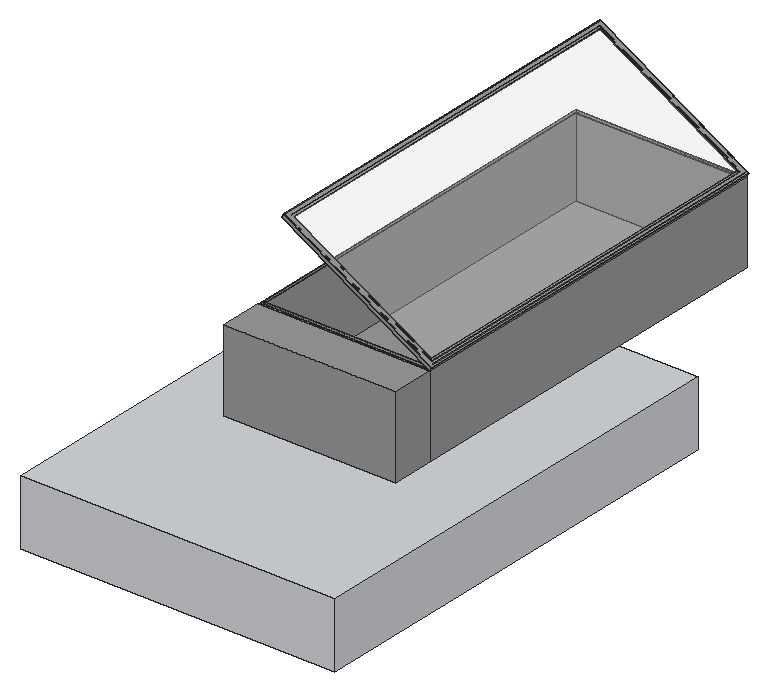
Revit family "Hager-Univers-IP55-D400-H2050-Cl.I-Steel_encl-CH-fr", category Equipement électrique, Revit 2020
Family settings
  Hôte = Face
  Configuration du panneau = Deux colonnes, circuits au sein
  Cote de connecteur circulaire = Utiliser le diamètre
  Type d'élément = Tableau de raccordement
  Couper avec des vides une fois chargée = Non
  Partagée = Non
  Point de calcul de pièce = Non
Parameters (values of type "installation au sol IP55 L800 H2050 P400  - FR23V2")
  Width Control [instance] = if([EF000008 - largeur] > Min Width, [EF000008 - largeur], Min Width)  # 800 mm
  Commentaires du type = [HG000003 - Gamme]  # "Univers"
  Thickness Door [instance] = if([EF009171 - épaisseur de matériau de la porte/du couvercle] > 3 mm, 3 mm, [EF009171 - épaisseur de matériau de la porte/du couvercle])  # 1.5 mm
  Seal Frame Offset [instance] = 17 mm  # constant formula
  Plinth Visibility [instance] = [HG000027 - Hauteur du socle] > 0 mm  # yes
  Model = ""
  Min Width [instance] = 100 mm  # constant formula
  Min Height [instance] = 100 mm  # constant formula
  Min Depth [instance] = (2 * [EF009170 - épaisseur de matériau du boîtier]) + 1 mm  # 4 mm
  Internal Frame Depth [instance] = (Door System Depth * 0.5)  # 9 mm
  Height Control [instance] = if([EF000040 - hauteur] > Min Height, [EF000040 - hauteur], Min Height)  # 2050 mm
  HG000027 - Hauteur du socle = 200 mm
  HG000026 - Installation au sol = yes
  HG000024 - Hauteur de la section basse = 800 mm
  HG000023 - Armoire double section = no
  HG000016 - Visibilité de la porte 3D [instance] = yes
  HG000015 - Visibilité de l'emprise de la porte [instance] = no
  HG000014 - Porte à droite [instance] = yes
  HG000013 - Porte à gauche [instance] = not([HG000014 - Porte à droite])  # no
  HG000012 - Angle de pivotement de la porte [instance] = 30.00°
  HG000010 - Portes asymétriques = no
  HG000009 - Porte à double battant = no
  HG000006 - Encastré = no
  HG000004 - Référence fabricant = "FR23V2"
  HG000003 - Gamme = "Univers"
  HG000002 - avec porte = yes
  Frame Offset Bottom [instance] = 10 mm  # constant formula
  Frame Offset [instance] = 15 mm  # constant formula
  EF015940 - couvercle avec décharge de pression = no
  EF011959 - degré de protection (NEMA) = ""
  EF009554 - nombre d'ouvertures pour plaques à bride = 6
  Fabricant = "Hager"  # constant formula
  EF009212 - finition du couvercle = "EV000116 - fermé"
  EF009171 - épaisseur de matériau de la porte/du couvercle = 1.5 mm
  EF009170 - épaisseur de matériau du boîtier = 1.5 mm
  EF008873 - courant nominal (In) = 800 A
  EF007800 - adapté à un parafoudre = no
  EF006306 - avec serrure = no
  EF006244 - couvercle/porte transparent(e) = yes
  EF005474 - indice de protection (IP) = "EV006420 - IP55"
  EF004464 - type de porte = "EV002646 - unique"
  EF004427 - nombre de modules = 432
  EF004293 - indice de protection contre les chocs (IK) = "EV008784 - IK10"
  EF003532 - convient pour utilisation à l’extérieur = no
  EF002950 - largeur en nombre de modules = 24
  EF001613 - maintien de fonction = "EV000494 - sans"
  EF001596 - matériau du boîtier/corps = "EV000179 - acier"
  EF001131 - profondeur intérieure = 400 mm
  EF001088 - possibilité de montage en saillie = yes
  EF000437 - nombre d'entrées de conduit = 6
  EF000339 - type de capot = "EV004216 - porte"
  EF000266 - nombre de rangées = 12
  EF000218 - profondeur d'encastrement = 0 mm
  EF000118 - avec cadre/support de montage = no
  EF000116 - numéro RAL = "7035"
  EF000049 - profondeur = 400 mm
  EF000040 - hauteur = 2050 mm
  EF000008 - largeur = 800 mm
  EF000007 - couleur = "EV000270 - gris"
  EF000003 - mode de pose = "EV012274 - installation au sol"
  Door System Leaf Tolerance [instance] = 1.5 mm  # constant formula
  Door System Depth [instance] = 18 mm  # constant formula
  Door Height [instance] = Height Control - [HG000027 - Hauteur du socle]  # 1850 mm
  Depth Control [instance] = if([EF000049 - profondeur] > Min Depth, [EF000049 - profondeur], Min Depth)  # 400 mm
  Default Elevation = 0 mm
  Connector Offset [instance] = Height Control / 2  # 1025 mm
  Bottom Top Plate Trim [instance] = 1.5 mm  # constant formula
  Plinth height Ctrl [instance] = if([HG000027 - Hauteur du socle] > 0 mm, [HG000027 - Hauteur du socle], 12 mm)  # 200 mm
Types (11, lengths in mm): name | Width Control | HG000010 - Portes asymétriques | HG000009 - Porte à double battant | HG000004 - Référence fabricant | EF009554 - nombre d'ouvertures pour plaques à bride | EF006244 - couvercle/porte transparent(e) | EF004464 - type de porte | EF004427 - nombre de modules | EF000437 - nombre d'entrées de conduit | EF000008 - largeur
  installation au sol IP55 L1050 H2050 P400  - FR24G2 | 1050 | yes | yes | "FR24G2" | 8 | no | "EV003602 - double" | 576 | 8 | 1050
  installation au sol IP55 L1050 H2050 P400  - FR24V2 | 1050 | yes | yes | "FR24V2" | 8 | yes | "EV003602 - double" | 576 | 8 | 1050
  installation au sol IP55 L1300 H2050 P400  - FR25G2 | 1300 | yes | yes | "FR25G2" | 10 | no | "EV003602 - double" | 720 | 10 | 1300
  installation au sol IP55 L1300 H2050 P400  - FR25V2 | 1300 | yes | yes | "FR25V2" | 10 | yes | "EV003602 - double" | 720 | 10 | 1300
  installation au sol IP55 L1550 H2050 P400  - FR26G2 | 1550 | yes | yes | "FR26G2" | 12 | no | "EV003602 - double" | 864 | 12 | 1550
  installation au sol IP55 L1550 H2050 P400  - FR26V2 | 1550 | yes | yes | "FR26V2" | 12 | yes | "EV003602 - double" | 864 | 12 | 1550
  installation au sol IP55 L300 H2050 P400  - FR21G2 | 300 | no | no | "FR21G2" | 2 | no | "EV002646 - unique" | 144 | 2 | 300
  installation au sol IP55 L550 H2050 P400  - FR22G2 | 550 | no | no | "FR22G2" | 4 | no | "EV002646 - unique" | 288 | 4 | 550
  installation au sol IP55 L550 H2050 P400  - FR22V2 | 550 | no | no | "FR22V2" | 4 | yes | "EV002646 - unique" | 288 | 4 | 550
  installation au sol IP55 L800 H2050 P400  - FR23G2 | 800 | no | no | "FR23G2" | 6 | no | "EV002646 - unique" | 432 | 6 | 800
  installation au sol IP55 L800 H2050 P400  - FR23V2 | 800 | no | no | "FR23V2" | 6 | yes | "EV002646 - unique" | 432 | 6 | 800
Reference planes
  plane 1 "Center (Front/Back)": y = 0
  plane 2: z = 0
  plane 3 "Center (Left/Right)": x = 0
  plane 4: z = 400
  plane 5: y = 201.5
  plane 6: y = 1125
  plane 7: y = 200
  plane 8: y = 2050
  plane 9: z = 0
  plane 10: x = -385
  plane 11: x = 385
  plane 12: x = 383.5
  plane 13: x = -383.5
  plane 14: y = 2048.5
  plane 15: x = -383
  plane 16: x = -400
  plane 17: x = 383
  plane 18: x = 400
  plane 19: x = 398.5
  plane 20: x = -398.5
  plane 21: y = 211.5
  plane 22: y = 2050
  plane 23: y = 2033.5
  plane 24: z = 382
  plane 25: z = 1.5
  plane 26: z = 380.5
  plane 27: z = 398.5
Forms (mm)
  Extrusion 1, solid
    sketch origin (0, 0, 0) x (1, 0, 0) y (0, 1, 0)
      loop
        line (-702.964, 1305) -> (-702.964, -811.445) -> (766.763, -811.445) -> (766.763, 1305) -> (-702.964, 1305)
    from 0 to -304.8
  Extrusion 2, solid, material "Hager_Steel_RAL7035_Light_Grey", visible <- "Plinth Visibility", detail levels medium+fine
    sketch origin (0, 0, 0) x (1, 0, 0) y (0, 1, 0)
      loop
        line (-400, 0) -> (400, 0) -> (400, 200) -> (-400, 200) -> (-400, 0)
    from 0 to 382
  Extrusion 3, solid, material "Hager_Steel_RAL7035_Light_Grey", detail levels medium+fine
    sketch origin (0, 0, 0) x (1, 0, 0) y (0, 1, 0)
      loop
        line (-400, 200) -> (400, 200) -> (400, 2050) -> (-400, 2050) -> (-400, 200)
    from 0 to 382
  Extrusion 4, void
    sketch origin (0, 0, 0) x (1, 0, 0) y (0, 1, 0)
      loop
        line (-398.5, 201.5) -> (398.5, 201.5) -> (398.5, 2048.5) -> (-398.5, 2048.5) -> (-398.5, 201.5)
    from 1.5 to 380.5
  Extrusion 5, void
    sketch origin (-381.607, -4572, 382) x (0, -1, 0) y (-1, 0, 0)
      loop
        line (-4783.5, 1.893) -> (-6605.5, 1.893) -> (-6605.5, -765.107) -> (-4783.5, -765.107) -> (-4783.5, 1.893)
    from 0 to 1.5 <- "EF009170 - épaisseur de matériau du boîtier"
  Extrusion 6, solid, material "Hager_Steel_RAL7035_Light_Grey", detail levels fine
    sketch origin (0, 0, 382) x (1, 0, 0) y (0, 1, 0)
      loop
        line (-383.5, 2033.5) -> (-383.5, 211.5) -> (383.5, 211.5) -> (383.5, 2033.5) -> (-383.5, 2033.5)
      loop
        line (-385, 210) -> (385, 210) -> (385, 2035) -> (-385, 2035) -> (-385, 210)
    from 0 to 9 <- "Internal Frame Depth"
  Extrusion 7, solid, material "Hager_Steel_RAL7035_Light_Grey", detail levels coarse
    sketch origin (0, 0, 0) x (1, 0, 0) y (0, 1, 0)
      loop
        line (-400, 0) -> (400, 0) -> (400, 2050) -> (-400, 2050) -> (-400, 0)
    from 0 to 400
  Sweep 8, void
    path in 3D
      loop
        line (-400, 200, 0) -> (400, 200, 0) -> (400, 200, 382) -> (-400, 200, 382) -> (-400, 200, 0)
    profile origin (-400, 200, 191) x (-1, 0, 0) y (0, -1, 0)
      loop
        line (0, 0) -> (0, 1.5) -> (-1.5, 1.5)
        arc (-1.5, 1.5) -> (-1.061, 0.439) -> (0, 0) r 1.5
Cuts and joins
  Extrusion 4, Extrusion 5 cuts Extrusion 3
  Sweep 8 cuts Extrusion 2
Lines and regions (mm)
  Masking region 1
    outline origin (0, 0, 0) x (1, 0, 0) y (0, 0, 1)
      loop
        line (-400, 400) -> (-400, 0) -> (400, 0) -> (400, 400) -> (-400, 400)
  Masking region 2, detail levels medium+fine
    outline origin (0, 140, 0) x (0, 1, 0) y (0, 0, 1)
      loop
        line (60, 0) -> (1910, 0) -> (1910, 382) -> (60, 382) -> (60, 0)
  Masking region 3, not visible, detail levels medium+fine
    outline origin (0, 297.922, 0) x (0, 1, 0) y (0, 0, 1)
      loop
        line (838.578, 0) -> (878.578, 0) -> (878.578, 388.5)
        arc (878.578, 388.5) -> (875.649, 395.571) -> (868.578, 398.5) r 10
        line (868.578, 398.5) -> (838.578, 398.5) -> (838.578, 0)
  Masking region 4, detail levels coarse
    outline origin (0, 0, 180) x (0, 1, 0) y (0, 0, 1)
      loop
        line (0, -180) -> (2050, -180) -> (2050, 220) -> (0, 220) -> (0, -180)
  Masking region 5, visible <- "Plinth Visibility", detail levels medium+fine
    outline origin (0, 52.24, 12.345) x (0, 0, -1) y (0, 1, 0)
      loop
        line (10.845, 147.76) -> (-368.155, 147.76)
        arc (-368.155, 147.76) -> (-368.594, 146.699) -> (-369.655, 146.26) r 1.5
        line (-369.655, 146.26) -> (-369.655, -52.24) -> (12.345, -52.24) -> (12.345, 146.26)
        arc (12.345, 146.26) -> (11.285, 146.699) -> (10.845, 147.76) r 1.5
  Masking region 6, detail levels medium+fine
    outline origin (-381.607, -4572, 382) x (-1, 0, 0) y (0, -1, 0)
      loop
        line (18.393, -6622) -> (18.393, -4772) -> (-781.607, -4772) -> (-781.607, -6622) -> (18.393, -6622)
  Masking region 7, visible <- "Plinth Visibility", detail levels medium+fine
    outline origin (-381.607, -4727, 382) x (-1, 0, 0) y (0, -1, 0)
      loop
        arc (16.893, -4927) -> (17.332, -4925.939) -> (18.393, -4925.5) r 1.5
        line (18.393, -4925.5) -> (18.393, -4727) -> (-781.607, -4727) -> (-781.607, -4925.5)
        arc (-781.607, -4925.5) -> (-780.546, -4925.939) -> (-780.107, -4927) r 1.5
        line (-780.107, -4927) -> (16.893, -4927)
  Masking region 8, detail levels coarse
    outline origin (-442.548, -4669.526, 382) x (-1, 0, 0) y (0, -1, 0)
      loop
        line (-42.548, -6719.526) -> (-42.548, -4669.526) -> (-842.548, -4669.526) -> (-842.548, -6719.526) -> (-42.548, -6719.526)
  sketch lines
    curve 1: line (-400, 200, 382) -> (-400, 200, 0)
    curve 2: line (400, 200, 382) -> (-400, 200, 382)
    curve 3: line (400, 200, 382) -> (400, 200, 0)
    curve 4: line (-400, 200, 0) -> (400, 200, 0)
Dimensions and locks
  "Depth Control": plane 4 to Extrusion 1
  "HG000027 - Hauteur du socle": plane 1 "Center (Front/Back)" to plane 7
  "EF009170 - épaisseur de matériau du boîtier": plane 5 to plane 7
  locked: connector elem to plane 3 "Center (Left/Right)"
  equal spacing: plane 8, plane 6, plane 7
  locked: connector elem to plane 6
  "EF009170 - épaisseur de matériau du boîtier": plane 8 to plane 14
  "EF009170 - épaisseur de matériau du boîtier": plane 10 to plane 13
  "EF009170 - épaisseur de matériau du boîtier": plane 12 to plane 11
  "Frame Offset": plane 20 to plane 13
  "Frame Offset": plane 12 to plane 19
  "EF009170 - épaisseur de matériau du boîtier": plane 16 to plane 20
  "EF009170 - épaisseur de matériau du boîtier": plane 19 to plane 18
  "Seal Frame Offset": plane 16 to plane 15
  "Seal Frame Offset": plane 17 to plane 18
  "Frame Offset Bottom": plane 21 to plane 5
  "Frame Offset": plane 14 to plane 23
  equal spacing: plane 16, plane 3 "Center (Left/Right)", plane 18
  "Width Control": plane 16 to plane 18
  "EF009170 - épaisseur de matériau du boîtier": plane 4 to plane 27
  "EF009170 - épaisseur de matériau du boîtier": plane 24 to plane 26
  "EF009170 - épaisseur de matériau du boîtier": plane 25 to level
  "Door System Depth": plane 4 to plane 24
  "Height Control": plane 1 "Center (Front/Back)" to Extrusion 7 sketch curve
  "Height Control": Masking region 4 sketch curve to plane 1 "Center (Front/Back)"
  "Height Control": plane 1 "Center (Front/Back)" to plane 22
  "Bottom Top Plate Trim": profile plane to Sweep 8 sketch curve
  "Bottom Top Plate Trim": Sweep 8 sketch curve to profile plane
  "Plinth height Ctrl": plane 1 "Center (Front/Back)" to Extrusion 2 sketch curve
  "Plinth height Ctrl": Masking region 5 sketch curve to plane 1 "Center (Front/Back)"
  "Plinth height Ctrl": plane 1 "Center (Front/Back)" to Masking region 7 sketch curve
  "Thickness Door": Extrusion 6 sketch curve to Extrusion 6 sketch curve  (x3)
  "Thickness Door": cut or joined group of Extrusion 3, Extrusion 4, Extrusion 5 to Extrusion 6 sketch curve
  radius of Masking region 3 sketch curve = 10 mm
  "Bottom Top Plate Trim": radius of Masking region 5 sketch curve  (x2)
  "Bottom Top Plate Trim": radius of Sweep 8 sketch curve
  "Bottom Top Plate Trim": radius of Masking region 7 sketch curve  (x2)
  aligned and locked: plane 2 to Extrusion 1
  aligned and locked: level to Extrusion 1
  aligned and locked: level to Masking region 1 sketch curve
  aligned and locked: Masking region 1 sketch curve to plane 18
  aligned and locked: Masking region 1 sketch curve to plane 16
  aligned and locked: plane 7 to Masking region 2 sketch curve
  aligned and locked: level to Masking region 3 sketch curve
  aligned and locked: Masking region 3 sketch curve to plane 27
  aligned and locked: level to Masking region 2 sketch curve
  aligned and locked: plane 1 "Center (Front/Back)" to Extrusion 2 sketch curve
  aligned and locked: Extrusion 3 sketch curve to plane 7
  aligned and locked: plane 16 to Extrusion 3 sketch curve
  aligned and locked: plane 18 to Extrusion 3 sketch curve
  aligned and locked: plane 20 to Extrusion 4 sketch curve
  aligned and locked: plane 19 to Extrusion 4 sketch curve
  aligned and locked: Extrusion 4 sketch curve to plane 5
  aligned and locked: Extrusion 4 to plane 25
  aligned and locked: plane 26 to Extrusion 4
  aligned and locked: plane 24 to Extrusion 3
  aligned and locked: Extrusion 5 sketch curve to plane 21
  aligned and locked: Extrusion 5 sketch curve to plane 13
  aligned and locked: Extrusion 5 sketch curve to plane 12
  aligned and locked: plane 18 to Extrusion 7 sketch curve
  aligned and locked: plane 1 "Center (Front/Back)" to Extrusion 7 sketch curve
  aligned and locked: plane 16 to Extrusion 7 sketch curve
  aligned and locked: plane 4 to Extrusion 7
  aligned and locked: Extrusion 7 to level
  aligned and locked: level to Masking region 4 sketch curve
  aligned and locked: Masking region 4 sketch curve to plane 1 "Center (Front/Back)"
  aligned and locked: Masking region 4 sketch curve to plane 4
  aligned and locked: nested 1 to level
  aligned and locked: nested 1 to plane 16
  aligned and locked: plane 8 to Extrusion 3 sketch curve
  aligned and locked: plane 23 to Extrusion 5 sketch curve
  aligned and locked: plane 14 to Extrusion 4 sketch curve
  aligned and locked: Masking region 2 sketch curve to plane 8
  aligned and locked: level to Masking region 5 sketch curve
  aligned and locked: plane 16 to Extrusion 2 sketch curve
  aligned and locked: plane 18 to Extrusion 2 sketch curve
  aligned and locked: Masking region 5 sketch curve to plane 24
  aligned and locked: Masking region 2 sketch curve to plane 24
  aligned and locked: plane 24 to Extrusion 2
  aligned and locked: profile plane to Sweep 8 sketch curve  (x2)
  aligned and locked: Masking region 6 sketch curve to plane 18
  aligned and locked: Masking region 6 sketch curve to plane 22
  aligned and locked: Masking region 6 sketch curve to plane 16
  aligned and locked: plane 8 to plane 22
  aligned and locked: Masking region 6 sketch curve to plane 7
  aligned and locked: Masking region 7 sketch curve to plane 16
  aligned and locked: Masking region 7 sketch curve to plane 1 "Center (Front/Back)"
  aligned and locked: Masking region 7 sketch curve to plane 18
  aligned and locked: Masking region 8 sketch curve to plane 1 "Center (Front/Back)"
  aligned and locked: Masking region 8 sketch curve to plane 18
  aligned and locked: Masking region 8 sketch curve to plane 22
  aligned and locked: Masking region 8 sketch curve to plane 16
  aligned and locked: nested 2 to plane 7
  aligned and locked: plane 3 "Center (Left/Right)" to nested 2
  aligned and locked: nested 2 to plane 24
  aligned and locked: Extrusion 6 sketch curve to cut or joined group of Extrusion 3, Extrusion 4, Extrusion 5  (x4)
Automatic sketch dimensions
  Extrusion 1 sketch curve to Extrusion 1 sketch curve = 1469.727 mm
  Extrusion 1 sketch curve to Extrusion 1 sketch curve = 2116.445 mm
  Masking region 1 sketch curve to plane 4 = 0 mm
  plane 6 to Masking region 3 sketch curve = 11.5 mm
  Masking region 3 sketch curve to Masking region 3 sketch curve = 30 mm
  Masking region 5 sketch curve to plane 1 "Center (Front/Back)" = 0 mm
Nested families
  nested 1: "Hager_Enclosure_Symbol" at (-400, 0, 0) x (1, 0, 0) z (0, -1, 0), Height <- "Depth Control", Width <- "Width Control", type "Hager_Enclosure_Symbol"
    with Width_Ctrl 800 mm, Width 800 mm, Height_Ctrl 400 mm, Height 400 mm, A_Width_Int 26.25 mm, A_Width 315 mm, A_Height_Ctrl 350 mm, A_Height 350 mm
  nested 2: "EC000058_Univers_Door" at (0, 200, 382) x (1, 0, 0) z (0, 1, 0), Leaf_Tolerance <- "Door System Leaf Tolerance", Angle <- "HG000012 - Angle de pivotement de la porte", Door_Depth <- "Door System Depth", Door_Left <- "HG000013 - Porte à gauche", Transparent <- "EF006244 - couvercle/porte transparent(e)", Assymetrical <- "HG000010 - Portes asymétriques", Width <- "Width Control", Clearance <- "HG000015 - Visibilité de l'emprise de la porte", Double <- "HG000009 - Porte à double battant", 3d_Door <- "HG000016 - Visibilité de la porte 3D", Lock_Visibility <- "EF006306 - avec serrure", Width_Ctrl <- "Width Control", Door_Right <- "HG000014 - Porte à droite", Door <- "HG000002 - avec porte", Height <- "Door Height", Thickness <- "Thickness Door", type "EC000058_Univers_Door", detail levels medium+fine
    with min_wh 4 mm, Width_Ctrl 800 mm, Width 800 mm, Transparent yes, Thickness 1.5 mm, Seal_Material Hager_Rubber, Lock_Visibility no, Lock_Material Hager_Plastic_RAL9005_Jet_Black, Leaf_Width 800 mm, Leaf_Tolerance_External_Sides 0 mm, Leaf_Tolerance 1.5 mm, Leaf_Offset 0 mm, Leaf_Height 1847 mm, Leaf_2_Width 800 mm, Leaf_2_Offset 400 mm, Leaf_1_Width 800 mm, Leaf_1_Offset 400 mm, Height_Ctrl 1850 mm, Height 1850 mm, Glass_Material Hager_Glass, Double_Clearance_Ctrl no, Double no, Door_Right_Ctrl yes, Door_Right yes, Door_Material Hager_Steel_RAL7035_Light_Grey, Door_Left_Ctrl no, Door_Left no, Door_Depth 18 mm, Door yes, Clearance_Material Hager_Clearance, Clearance_Depth 800 mm, Clearance_Ctrl no, Clearance no, Assymetrical no, Angle 30.00°, 3d_Door yes
Connectors
  electrical at (0, 1125, 0)
    settings: on plane 9, index 1, voltage 0 V, apparent load 0 VA, apparent load phase1 0 VA, apparent load phase2 0 VA, apparent load phase3 0 VA, power factor 1, load classification "Other", number of poles 1, system type 30, power factor state 1, is connector primary yes, connector utility no, sub classification motor no, connector description ""
Definition of nested family "EC000058_Univers_Door"
  Parameters (values of type "EC000058_Univers_Door")
    min_wh [instance] = (2 * Thickness) + 1 mm  # 11 mm
    Width_Ctrl [instance] = 400 mm
    Width [instance] = 500 mm
    Transparent [instance] = yes
    Thickness [instance] = 5 mm
    Seal_Material [instance] = none
    Lock_Visibility [instance] = yes
    Lock_Material [instance] = none
    Leaf_Width [instance] = if((Width_Ctrl - 2 * Leaf_Tolerance_External_Sides) > 0 mm, (Width_Ctrl - 2 * Leaf_Tolerance_External_Sides), min_wh)  # 400 mm
    Leaf_Tolerance_External_Sides [instance] = 0 mm  # constant formula
    Leaf_Tolerance [instance] = 1.5 mm
    Leaf_Offset [instance] = 0 mm  # constant formula
    Leaf_Height [instance] = if((Height_Ctrl - 2 * Leaf_Tolerance) > 0 mm, (Height_Ctrl - 2 * Leaf_Tolerance), min_wh)  # 497 mm
    Leaf_2_Width [instance] = if(and(and(Double, Assymetrical), Door_Left), (Leaf_Width / 3) - (Leaf_Tolerance / 2), if(and(and(Double, Assymetrical), Door_Right), (Leaf_Width / 3) * 2 - (Leaf_Tolerance / 2), if(and(Double, not(Assymetrical)), (Leaf_Width / 2) - Leaf_Tolerance, Leaf_Width)))  # 400 mm
    Leaf_2_Offset [instance] = if(and(Double, Assymetrical), Leaf_2_Width / 2, if(and(Double, not(Assymetrical)), Leaf_Width / 4, Leaf_Width / 2))  # 200 mm
    Leaf_1_Width [instance] = if(and(and(Double, Assymetrical), Door_Right), (Leaf_Width / 3) - (Leaf_Tolerance / 2), if(and(and(Double, Assymetrical), Door_Left), (Width / 3) * 2 - (Leaf_Tolerance / 2), if(and(Double, not(Assymetrical)), (Leaf_Width / 2) - Leaf_Tolerance, Leaf_Width)))  # 400 mm
    Leaf_1_Offset [instance] = if(and(Double, Assymetrical), Leaf_1_Width / 2, if(and(Double, not(Assymetrical)), Leaf_Width / 4, Leaf_Width / 2))  # 200 mm
    Height_Ctrl [instance] = if(Height > min_wh, Height, min_wh)  # 500 mm
    Height [instance] = 500 mm
    Glass_Material [instance] = none
    Double_Clearance_Ctrl [instance] = and(Double, Clearance)  # no
    Double [instance] = no
    Door_Right_Ctrl [instance] = and(or(Door_Right, Double), Door)  # yes
    Door_Right [instance] = yes
    Door_Material [instance] = none
    Door_Left_Ctrl [instance] = and(or(Door_Left, Double), Door)  # no
    Door_Left [instance] = no
    Door_Depth [instance] = 30 mm
    Door [instance] = yes
    Default Elevation = 1219.2 mm
    Clearance_Material [instance] = none
    Clearance_Depth [instance] = if(Leaf_1_Width > Leaf_2_Width, Leaf_1_Width, Leaf_2_Width)  # 400 mm
    Clearance_Ctrl [instance] = and(not(Double), Clearance)  # yes
    Clearance [instance] = yes
    Assymetrical [instance] = yes
    Angle [instance] = 30.00°
    3d_Door [instance] = yes
  Reference planes
    plane 1 "Center (Front/Back)": y = 0
    plane 2 "Bottom": z = 0
    plane 3 "Center (Left/Right)": x = 0
    plane 4: z = 500
    plane 5: x = -200
    plane 6: x = 200
    plane 7: z = 500
    plane 8: x = -200
    plane 9: z = 0
    plane 10: x = 200
    plane 11: y = 0
    plane 12: z = 1.5
    plane 13: x = -600
    plane 14: y = -400
    plane 15: x = 600
    plane 16: x = 0
    plane 17: x = 0
    plane 18: x = -200
    plane 19: x = 200
    plane 20: z = 498.5
  Forms (mm)
    Extrusion 1, solid, material <- "Clearance_Material", visible <- "Double_Clearance_Ctrl"
      sketch origin (1200, 0, 0) x (1, 0, 0) y (0, 0, -1)
        loop
          line (-1800, -498.5) -> (-600, -498.5) -> (-600, 0) -> (-1800, 0) -> (-1800, -498.5)
      from 0 to -400
  Dimensions and locks
    equal spacing: plane 5, plane 3 "Center (Left/Right)", plane 6
    "Width_Ctrl": plane 5 to plane 6
    "Leaf_Offset": plane 5 to plane 8
    "Leaf_Offset": plane 6 to plane 10
    "Leaf_Offset": plane 9 to level
    "Leaf_Offset": plane 4 to plane 7
    "Height_Ctrl": plane 4 to level
    "Leaf_Tolerance": plane 12 to plane 9
    locked: plane 11 to plane 1 "Center (Front/Back)"
    "Leaf_1_Offset": plane 18 to plane 16
    "Leaf_2_Offset": plane 17 to plane 19
    "Leaf_1_Width": plane 13 to plane 8
    "Leaf_2_Width": plane 10 to plane 15
    "Clearance_Depth": plane 14 to plane 1 "Center (Front/Back)"
    "Leaf_Tolerance_External_Sides": plane 8 to plane 18
    "Leaf_Tolerance_External_Sides": plane 19 to plane 10
    "Leaf_Tolerance": plane 7 to plane 20
    aligned and locked: level to plane 2 "Bottom"
    aligned and locked: nested 1 to plane 16
    aligned and locked: nested 2 to plane 17
    aligned and locked: Extrusion 1 to plane 13
    aligned and locked: plane 15 to Extrusion 1
    aligned and locked: Extrusion 1 to plane 14
    aligned and locked: plane 12 to nested 1
    aligned and locked: nested 2 to plane 12
    aligned and locked: Extrusion 1 to plane 11
    aligned and locked: plane 20 to Extrusion 1
    aligned and locked: nested 2 to plane 11
    aligned and locked: nested 1 to plane 11
  Automatic sketch dimensions
    Extrusion 1 sketch curve to level = 0 mm
    plane 5 to Extrusion 1 sketch curve = 400 mm
    plane 6 to Extrusion 1 sketch curve = 400 mm
    Extrusion 1 sketch curve to plane 4 = 1.5 mm
  Nested families
    nested 1: "EC000058_Univers_Door_Leaf" at (0, 0, 1.5), Width <- "Leaf_1_Width", visible <- "Door_Left_Ctrl", Leaf_Height <- "Leaf_Height", Angle <- "Angle", 3d_Door <- "3d_Door", Transparent <- "Transparent", Clearance Material <- "Clearance_Material", Clearance <- "Clearance_Ctrl", Door_Material <- "Door_Material", Glass_Material <- "Glass_Material", Door_Depth <- "Door_Depth", Lock_Material <- "Lock_Material", Seal_Material <- "Seal_Material", Lock_Visibility <- "Lock_Visibility", Thickness <- "Thickness", type "EC000058_Univers_Door_Leaf"
      with Width 400 mm, Transparent_Glass_Offset 30 mm, Transparent_Ctrl yes, Transparent yes, Thickness 5 mm, Standard no, Seal_Material none, Seal_D2 8 mm, Seal_D1 1 mm, Offset_Internal_Frame 10 mm, Lock_Width 20 mm, Lock_Visibility_3d yes, Lock_Visibility yes, Lock_Thickness_3 3 mm, Lock_Thickness_2 1 mm, Lock_Thickness_1 3 mm, Lock_Radius_Offset_2 16 mm, Lock_Radius_Offset_1 15 mm, Lock_Radius_2 5 mm, Lock_Radius 6 mm, Lock_Offset 5 mm, Lock_Material none, Lock_Height 80 mm, Lock_Cover_Top_Offset_2d 17 mm, Lock_Cover_Height -65 mm, Leaf_Height 497 mm, Internal_Seal_Thickness 8 mm, Internal_Seal_Depth_2 4.5 mm, Internal_Frame_Depth 25 mm, Glass_Thickness -1 mm, Glass_Offset -2 mm, Glass_Material none, Door_Material none, Door_Depth 30 mm, Clearance Material none, Clearance yes, Angle_Ctrl 30.00°, Angle 30.00°, 3d_Door yes
    nested 2: "EC000058_Univers_Door_Leaf" at (0, 0, 1.5) x (-1, 0, 0) z (0, 0, 1), Width <- "Leaf_2_Width", visible <- "Door_Right_Ctrl", Leaf_Height <- "Leaf_Height", Angle <- "Angle", 3d_Door <- "3d_Door", Transparent <- "Transparent", Clearance Material <- "Clearance_Material", Clearance <- "Clearance_Ctrl", Door_Material <- "Door_Material", Glass_Material <- "Glass_Material", Door_Depth <- "Door_Depth", Lock_Material <- "Lock_Material", Seal_Material <- "Seal_Material", Lock_Visibility <- "Lock_Visibility", Thickness <- "Thickness", type "EC000058_Univers_Door_Leaf"
      with Width 400 mm, Transparent_Glass_Offset 30 mm, Transparent_Ctrl yes, Transparent yes, Thickness 5 mm, Standard no, Seal_Material none, Seal_D2 8 mm, Seal_D1 1 mm, Offset_Internal_Frame 10 mm, Lock_Width 20 mm, Lock_Visibility_3d yes, Lock_Visibility yes, Lock_Thickness_3 3 mm, Lock_Thickness_2 1 mm, Lock_Thickness_1 3 mm, Lock_Radius_Offset_2 16 mm, Lock_Radius_Offset_1 15 mm, Lock_Radius_2 5 mm, Lock_Radius 6 mm, Lock_Offset 5 mm, Lock_Material none, Lock_Height 80 mm, Lock_Cover_Top_Offset_2d 17 mm, Lock_Cover_Height -65 mm, Leaf_Height 497 mm, Internal_Seal_Thickness 8 mm, Internal_Seal_Depth_2 4.5 mm, Internal_Frame_Depth 25 mm, Glass_Thickness -1 mm, Glass_Offset -2 mm, Glass_Material none, Door_Material none, Door_Depth 30 mm, Clearance Material none, Clearance yes, Angle_Ctrl 30.00°, Angle 30.00°, 3d_Door yes
  Definition of nested family "EC000058_Univers_Door_Leaf"
    Parameters (values of type "EC000058_Univers_Door_Leaf")
      Width [instance] = 2000 mm
      Transparent_Glass_Offset [instance] = 30 mm
      Transparent_Ctrl [instance] = and(Transparent, [3d_Door])  # yes
      Transparent [instance] = yes
      Thickness [instance] = 5 mm
      Standard [instance] = and(not(Transparent), [3d_Door])  # no
      Seal_Material [instance] = none
      Seal_D2 [instance] = 8 mm  # constant formula
      Seal_D1 [instance] = 1 mm  # constant formula
      Offset_Internal_Frame [instance] = 10 mm  # constant formula
      Lock_Width [instance] = 20 mm  # constant formula
      Lock_Visibility_3d [instance] = and(Lock_Visibility, [3d_Door])  # yes
      Lock_Visibility [instance] = yes
      Lock_Thickness_3 [instance] = 3 mm  # constant formula
      Lock_Thickness_2 [instance] = 1 mm  # constant formula
      Lock_Thickness_1 [instance] = 3 mm  # constant formula
      Lock_Radius_Offset_2 [instance] = Lock_Radius_Offset_1 + 1 mm  # 16 mm
      Lock_Radius_Offset_1 [instance] = 15 mm  # constant formula
      Lock_Radius_2 [instance] = Lock_Radius - 1 mm  # 5 mm
      Lock_Radius [instance] = 6 mm  # constant formula
      Lock_Offset [instance] = 5 mm  # constant formula
      Lock_Material [instance] = none
      Lock_Height [instance] = 80 mm  # constant formula
      Lock_Cover_Top_Offset_2d [instance] = Lock_Radius_Offset_2 + 1 mm  # 17 mm
      Lock_Cover_Height [instance] = -(Lock_Height - Lock_Radius_Offset_1)  # -65 mm
      Leaf_Height [instance] = 2720.336 mm
      Internal_Seal_Thickness [instance] = 8 mm  # constant formula
      Internal_Seal_Depth_2 [instance] = 4.5 mm  # constant formula
      Internal_Frame_Depth [instance] = if(Door_Depth - Thickness > 5 mm, Door_Depth - Thickness, 5 mm)  # 25 mm
      Glass_Thickness [instance] = if(Thickness > 15 mm, Glass_Offset + 10 mm, -1 mm)  # -1 mm
      Glass_Offset [instance] = if(Thickness > 15 mm, -(Thickness + 10 mm) / 2, -2 mm)  # -2 mm
      Glass_Material [instance] = none
      Door_Material [instance] = none
      Door_Depth [instance] = 30 mm
      Default Elevation = 0 mm
      Clearance Material [instance] = none
      Clearance [instance] = yes
      Angle_Ctrl [instance] = if(Angle > 180.00°, 180.00°, Angle)  # 90.00°
      Angle [instance] = 90.00°
      3d_Door [instance] = yes
    Reference planes
      plane 1 "Center (Front/Back)": y = 0
      plane 2: z = 0
      plane 3 "Center (Left/Right)": x = 0
      plane 4: y = 2000
      plane 5: x = -1000
      plane 6: x = 1000
      plane 7: x = -3000
      plane 8: z = 2720.336
      plane 9: z = 30
      plane 10: z = 2690.336
      plane 11: x = 970
      plane 12: x = -970
      plane 13: y = -3
      plane 14: z = 107.833
      plane 15: y = -5
      plane 16: y = -223.314
      plane 17: x = -1000
      plane 18: z = 1360.168
      plane 19: y = 30
    Forms (mm)
      Extrusion 1, solid, material <- "Clearance Material", visible <- "Clearance"
        sketch origin (0, 0, 0) x (1, 0, 0) y (0, 0, 1)
          loop
            line (-3000, 2720.336) -> (-3000, 0) -> (1000, 0) -> (1000, 2720.336) -> (-3000, 2720.336)
        from 0 to -2000
      Extrusion 2, solid, material <- "Door_Material", visible <- "Standard", detail levels medium+fine
        sketch origin (-1000, 0, 0) x (0, 1, 0) y (-1, 0, 0)
          loop
            line (0, 30) -> (0, 25) -> (2000, 25) -> (2000, 30) -> (0, 30)
        from 0 to 2720.336 <- "Leaf_Height"
      Extrusion 3, solid, material <- "Door_Material", visible <- "Transparent_Ctrl", detail levels medium+fine
        sketch origin (-1000, 0, 0) x (0, 1, 0) y (-1, 0, 0)
          loop
            line (0, 25) -> (2000, 25) -> (2000, 30) -> (0, 30) -> (0, 25)
        from 0 to 2720.336 <- "Leaf_Height"
      Extrusion 4, void
        sketch origin (-1025, 2000, 0) x (0, 1, 0) y (0, 0, -1)
          loop
            line (-30, -2690.336) -> (-30, -30) -> (-1970, -30) -> (-1970, -2690.336) -> (-30, -2690.336)
        from 0 to 5 <- "Thickness"
      Sweep 5, solid, material <- "Seal_Material", visible <- "Transparent_Ctrl", detail levels fine
        path in 3D
          loop
            line (-1025, 30, 30) -> (-1025, 30, 2690.336) -> (-1025, 1970, 2690.336) -> (-1025, 1970, 30) -> (-1025, 30, 30)
        profile origin (-1025, 1000, 30) x (1, 0, 0) y (0, 0, 1)
          loop
            line (0, 0) -> (0, -8) -> (1, -8) -> (1, 0) -> (0, 0)
      Extrusion 6, solid, material <- "Glass_Material", visible <- "Transparent_Ctrl", detail levels medium+fine
        sketch origin (-1030, 0, 0) x (0, 1, 0) y (0, 0, -1)
          loop
            line (1970, -2690.336) -> (1970, -30) -> (30, -30) -> (30, -2690.336) -> (1970, -2690.336)
        from -2 <- "Glass_Offset" to -1 <- "Glass_Thickness"
      Extrusion 7, solid, material <- "Door_Material", visible <- "3d_Door", detail levels medium+fine
        sketch origin (-1025, 2000, 0) x (0, -1, 0) y (0, 0, -1)
          loop
            line (0, -2720.336) -> (2000, -2720.336) -> (2000, 0) -> (0, 0) -> (0, -2720.336)
          loop
            line (1995, -5) -> (5, -5) -> (5, -2715.336) -> (1995, -2715.336) -> (1995, -5)
        from 0 to 25 <- "Internal_Frame_Depth"
      Sweep 8, solid, material <- "Seal_Material", visible <- "Transparent_Ctrl", detail levels fine
        path in 3D
          loop
            line (-1025, 0, 0) -> (-1025, 2000, 0) -> (-1025, 2000, 2720.336) -> (-1025, 0, 2720.336) -> (-1025, 0, 0)
        profile origin (-1025, 0, 1360.168) x (1, 0, 0) y (0, 1, 0)
          loop
            line (0, 10) -> (2.975, 10)
            arc (2.975, 10) -> (4.053, 10.447) -> (4.5, 11.525) r 1.525
            line (4.5, 11.525) -> (4.5, 16.527)
            arc (4.5, 16.527) -> (4.069, 17.569) -> (3.027, 18) r 1.473
            line (3.027, 18) -> (0, 18) -> (0, 10)
      Extrusion 9, solid, material <- "Lock_Material", visible <- "Lock_Visibility_3d", detail levels fine
        sketch origin (-1030, 0, 0) x (0, 1, 0) y (0, 0, -1)
          loop
            arc (1993.5, -1400.168) -> (1994.561, -1399.729) -> (1995, -1398.668) r 1.5
            line (1995, -1398.668) -> (1995, -1320.168) -> (1975, -1320.168) -> (1975, -1398.668)
            arc (1975, -1398.668) -> (1975.439, -1399.729) -> (1976.5, -1400.168) r 1.5
            line (1976.5, -1400.168) -> (1993.5, -1400.168)
        from 3 <- "Lock_Thickness_1" to 0
      Blend 10, solid, material <- "Lock_Material", visible <- "Lock_Visibility_3d", detail levels fine
        base sketch origin (-1033, 0, 0) x (0, 1, 0) y (0, 0, -1)
          loop
            line (1975, -1320.168) -> (1975, -1398.668)
            arc (1975, -1398.668) -> (1975.439, -1399.729) -> (1976.5, -1400.168) r 1.5
            line (1976.5, -1400.168) -> (1993.5, -1400.168)
            arc (1993.5, -1400.168) -> (1994.561, -1399.729) -> (1995, -1398.668) r 1.5
            line (1995, -1398.668) -> (1995, -1320.168) -> (1975, -1320.168)
        top sketch origin (-1033, 0, 0) x (0, 1, 0) y (0, 0, -1)
          loop
            line (1976, -1320.168) -> (1976, -1398.668)
            arc (1976, -1398.668) -> (1976.146, -1399.022) -> (1976.5, -1399.168) r 0.5
            line (1976.5, -1399.168) -> (1993.5, -1399.168)
            arc (1993.5, -1399.168) -> (1993.854, -1399.022) -> (1994, -1398.668) r 0.5
            line (1994, -1398.668) -> (1994, -1320.168) -> (1976, -1320.168)
        from 0 to 1 <- "Lock_Thickness_2"
      Blend 11, solid, material <- "Lock_Material", visible <- "Lock_Visibility_3d", detail levels fine
        base sketch origin (-1034, 0, 0) x (0, 1, 0) y (0, 0, -1)
          loop
            line (1978, -1320.168) -> (1978, -1384.168)
            arc (1978, -1384.168) -> (1985, -1391.168) -> (1992, -1384.168) r 7
            line (1992, -1384.168) -> (1992, -1320.168) -> (1978, -1320.168)
        top sketch origin (-1034, 0, 0) x (0, 1, 0) y (0, 0, -1)
          loop
            line (1991, -1320.168) -> (1979, -1320.168) -> (1979, -1383.168)
            arc (1979, -1383.168) -> (1985, -1389.168) -> (1991, -1383.168) r 6
            line (1991, -1383.168) -> (1991, -1320.168)
        from 0 to 3 <- "Lock_Thickness_3"
      Extrusion 12, solid, material <- "Lock_Material", visible <- "Lock_Visibility_3d", detail levels fine
        sketch origin (-1030, 1975, 1320.168) x (1, 0, 0) y (0, -1, 0)
          loop
            line (-7, -19) -> (-7, -1) -> (0, -1) -> (0, 0) -> (-8, 0) -> (-8, -20) -> (0, -20) -> (0, -19) -> (-7, -19)
        from 0 to -65 <- "Lock_Cover_Height"
      Extrusion 13, void
        sketch origin (-1038, 1995, 1320.168) x (-1, 0, 0) y (0, 0, -1)
          loop
            line (-5, -65) -> (0, -65) -> (-5, -60) -> (-5, -65)
        from 0 to 20 <- "Lock_Width"
      Extrusion 14, void
        sketch origin (-1038, 1975, 1320.168) x (0, -1, 0) y (0, 0, -1)
          loop
            circle (-10, -15.995) r 6
          loop
            circle (-10, -15.995) r 5
        from 0 to 2
      Extrusion 15, solid, material <- "Lock_Material", visible <- "Lock_Visibility_3d", detail levels medium
        sketch origin (-1030, 0, 0) x (0, 1, 0) y (0, 0, -1)
          loop
            arc (1993.5, -1400.168) -> (1994.561, -1399.729) -> (1995, -1398.668) r 1.5
            line (1995, -1398.668) -> (1995, -1320.168) -> (1975, -1320.168) -> (1975, -1398.668)
            arc (1975, -1398.668) -> (1975.439, -1399.729) -> (1976.5, -1400.168) r 1.5
            line (1976.5, -1400.168) -> (1993.5, -1400.168)
        from 8 to 0
    Cuts and joins
      Extrusion 4 cuts Extrusion 3
      Extrusion 13, Extrusion 14 cuts Extrusion 9
      Extrusion 14 cuts Blend 11
      Extrusion 13, Extrusion 14 cuts Extrusion 12
      joined: Extrusion 9, Blend 10, Blend 11, Extrusion 12
      Extrusion 14 cuts Extrusion 15
    Lines and regions (mm)
      Masking region 1, visible <- "Lock_Visibility", detail levels fine
        outline origin (0, 0, 0) x (0, 1, 0) y (0, 0, 1)
          loop
            line (30, 1320.168) -> (33, 1320.168) -> (33, 1400.168) -> (30, 1400.168) -> (30, 1320.168)
      Masking region 2, visible <- "Lock_Visibility", detail levels fine
        outline origin (0, 3.143, 0) x (0, 1, 0) y (0, 0, 1)
          loop
            line (29.857, 1354.168) -> (30.857, 1354.168) -> (30.857, 1366.168) -> (29.857, 1366.168) -> (29.857, 1354.168)
      Masking region 3, detail levels medium+fine
        outline origin (0, 0, 0) x (0, 1, 0) y (0, 0, 1)
          loop
            line (0, 0) -> (30, 0) -> (30, 2720.336) -> (0, 2720.336) -> (0, 0)
      Masking region 4, detail levels medium+fine
        outline origin (0, 0, 0) x (1, 0, 0) y (0, 0, 1)
          loop
            line (-1000, 2720.336) -> (-1000, 0) -> (1000, 0) -> (1000, 2720.336) -> (-1000, 2720.336)
      Masking region 5, visible <- "Lock_Visibility", detail levels fine
        outline origin (-47.116, 0, 0) x (1, 0, 0) y (0, 0, 1)
          loop
            arc (1024.616, 1399.168) -> (1023.556, 1398.729) -> (1023.116, 1397.668) r 1.5
            line (1023.116, 1397.668) -> (1023.116, 1320.168) -> (1041.116, 1320.168) -> (1041.116, 1397.668)
            arc (1041.116, 1397.668) -> (1040.677, 1398.729) -> (1039.616, 1399.168) r 1.5
            line (1039.616, 1399.168) -> (1024.616, 1399.168)
      Masking region 6, visible <- "Lock_Visibility", detail levels medium+fine
        outline origin (-25, 0, 0) x (1, 0, 0) y (0, 0, 1)
          loop
            arc (1001.5, 1400.168) -> (1000.439, 1399.729) -> (1000, 1398.668) r 1.5
            line (1000, 1398.668) -> (1000, 1320.168) -> (1020, 1320.168) -> (1020, 1398.668)
            arc (1020, 1398.668) -> (1019.561, 1399.729) -> (1018.5, 1400.168) r 1.5
            line (1018.5, 1400.168) -> (1001.5, 1400.168)
      Masking region 7, visible <- "Lock_Visibility", detail levels fine
        outline origin (-73.735, 0, 0) x (1, 0, 0) y (0, 0, 1)
          loop
            line (1051.735, 1382.168) -> (1065.735, 1382.168) -> (1065.735, 1384.168)
            arc (1065.735, 1384.168) -> (1058.735, 1391.168) -> (1051.735, 1384.168) r 7
            line (1051.735, 1384.168) -> (1051.735, 1382.168)
      Masking region 8, visible <- "Lock_Visibility", detail levels fine
        outline origin (-73.735, 0, 0) x (1, 0, 0) y (0, 0, 1)
          loop
            line (1052.735, 1382.168) -> (1064.735, 1382.168) -> (1064.735, 1383.168)
            arc (1064.735, 1383.168) -> (1058.735, 1389.168) -> (1052.735, 1383.168) r 6
            line (1052.735, 1383.168) -> (1052.735, 1382.168)
      Masking region 9, visible <- "Lock_Visibility", detail levels fine
        outline origin (-25, 0, 0) x (1, 0, 0) y (0, 0, 1)
          loop
            line (1020, 1320.168) -> (1020, 1382.168) -> (1000, 1382.168) -> (1000, 1320.168) -> (1020, 1320.168)
      Masking region 10, detail levels medium+fine
        outline origin (0, 0, 0) x (1, 0, 0) y (0, 0, 1)
          loop
            circle (985, 1335.144) r 6
      Masking region 11, detail levels fine
        outline origin (0, 0, 0) x (1, 0, 0) y (0, 0, 1)
          loop
            circle (985, 1335.144) r 5
      Masking region 12, visible <- "Lock_Visibility", detail levels fine
        outline origin (0, 12.767, 0) x (0, 1, 0) y (0, 0, 1)
          loop
            line (20.233, 1320.168) -> (21.233, 1320.168) -> (21.233, 1399.168) -> (20.233, 1400.168) -> (20.233, 1320.168)
      Masking region 13, visible <- "Lock_Visibility", detail levels fine
        outline origin (0, 13.767, -10) x (0, 1, 0) y (0, 0, 1)
          loop
            line (20.233, 1330.168) -> (23.233, 1330.168) -> (23.233, 1399.168) -> (20.233, 1402.168) -> (20.233, 1330.168)
      Masking region 14, visible <- "Lock_Visibility", detail levels fine
        outline origin (0, 12.767, -10) x (0, 1, 0) y (0, 0, 1)
          loop
            line (20.233, 1330.168) -> (25.233, 1330.168) -> (25.233, 1399.305) -> (20.233, 1394.305) -> (20.233, 1330.168)
      Masking region 15, visible <- "Lock_Visibility", detail levels medium
        outline origin (0, 0, 0) x (0, 1, 0) y (0, 0, 1)
          loop
            line (30, 1320.168) -> (38, 1320.168) -> (38, 1400.168) -> (30, 1400.168) -> (30, 1320.168)
      Masking region 16, visible <- "Lock_Visibility", detail levels fine
        outline origin (-1000, 0, 0) x (0, 1, 0) y (-1, 0, 0)
          loop
            line (1975, 30) -> (1995, 30) -> (1995, 38) -> (1975, 38) -> (1975, 30)
          loop
            line (1979, 37) -> (1976, 37) -> (1976, 34) -> (1978, 34) -> (1979, 37)
          loop
            line (1994, 37) -> (1991, 37) -> (1992, 34) -> (1994, 34) -> (1994, 37)
      Masking region 17, visible <- "Lock_Visibility", detail levels medium
        outline origin (-1000, 0, 0) x (0, 1, 0) y (-1, 0, 0)
          loop
            line (1975, 30) -> (1995, 30) -> (1995, 38) -> (1975, 38) -> (1975, 30)
      symbolic lines
        curve 1: line (1000, 0, 0) -> (-3000, 0, 0)
        curve 2: arc (1000, 0, 0) -> (-1000, 2000, 0) -> (-3000, 0, 0) r 2000
        curve 4: line (-1030, 0, 0) -> (-1030, 2000, 0)
      reference lines
        curve 3: line (-1000, 0, 0) -> (-1000, 2000, 0)
      symbolic lines, detail levels medium+fine
        curve 5: line (-1030, 2000, 0) -> (-1025, 2000, 0)
        curve 7: line (-1025, 0, 0) -> (-1030, 0, 0)
        curve 8: line (-1025, 0, 0) -> (-1000, 0, 0)
        curve 9: line (-1000, 0, 0) -> (-1000, 2000, 0)
        curve 10: line (-1000, 2000, 0) -> (-1025, 2000, 0)
      symbolic lines, detail levels fine
        curve 6: line (-1025, 2000, 0) -> (-1025, 0, 0)
      sketch lines
        curve 11: line (-1025, 0, 2720.336) -> (-1025, 0, 0)
        curve 12: line (-1025, 2000, 0) -> (-1025, 0, 0)
        curve 13: line (-1025, 2000, 2720.336) -> (-1025, 2000, 0)
        curve 14: line (-1025, 0, 2720.336) -> (-1025, 2000, 2720.336)
        curve 15: line (-1025, 1970, 30) -> (-1025, 30, 30)
        curve 16: line (-1025, 30, 30) -> (-1025, 30, 2690.336)
        curve 17: line (-1025, 1970, 2690.336) -> (-1025, 1970, 30)
        curve 18: line (-1025, 30, 2690.336) -> (-1025, 1970, 2690.336)
      symbolic lines, visible <- "Transparent", detail levels medium+fine
        curve 19: line (-970, 0, 2690.336) -> (970, 0, 2690.336)
        curve 20: line (-970, 0, 30) -> (-970, 0, 2690.336)
        curve 21: line (970, 0, 30) -> (-970, 0, 30)
        curve 22: line (970, 0, 2690.336) -> (970, 0, 30)
    Dimensions and locks
      "Width": plane 1 "Center (Front/Back)" to plane 4
      equal spacing: plane 5, plane 3 "Center (Left/Right)", plane 6
      "Width": plane 5 to plane 6
      "Width": plane 7 to plane 5
      "Leaf_Height": plane 8 to level
      "Width": curve 5 to curve 3
      "Width": curve 3 to curve 3
      plane 8 to plane 10 = 30 mm
      plane 9 to level = 30 mm
      plane 12 to plane 5 = 30 mm
      plane 6 to plane 11 = 30 mm
      Extrusion 1 to Extrusion 4 sketch curve = 30 mm
      "Transparent_Glass_Offset": curve 3 to Extrusion 4 sketch curve
      "Transparent_Glass_Offset": Extrusion 4 sketch curve to cut or joined group of Extrusion 3, Extrusion 4  (x2)
      cut or joined group of Extrusion 3, Extrusion 4 to Extrusion 6 sketch curve = 30 mm
      "Transparent_Glass_Offset": cut or joined group of Extrusion 3, Extrusion 4 to Extrusion 4 sketch curve
      "Thickness": curve 6 to curve 4
      "Thickness": Extrusion 7 sketch curve to Extrusion 7 sketch curve  (x4)
      "Door_Depth": curve 4 to curve 3
      "Offset_Internal_Frame": profile plane to Sweep 8 sketch curve
      "Internal_Seal_Thickness": Sweep 8 sketch curve to Sweep 8 sketch curve
      "Internal_Seal_Depth_2": profile plane to Sweep 8 sketch curve
      "Seal_D1": profile plane to Sweep 5 sketch curve
      "Seal_D2": profile plane to Sweep 5 sketch curve
      "Thickness": Extrusion 2 sketch curve to Extrusion 2 sketch curve
      equal spacing: Extrusion 9 sketch curve, plane 18, Extrusion 9 sketch curve  (x2)
      equal spacing: Masking region 1 sketch curve, plane 18, Masking region 1 sketch curve
      "Lock_Height": Masking region 1 sketch curve to Masking region 1 sketch curve
      "Lock_Radius": Masking region 2 sketch curve to plane 18 to Masking region 2 sketch curve
      Masking region 2 sketch curve to Masking region 1 = 1 mm
      "Door_Depth": plane 19 to plane 1 "Center (Front/Back)"
      "Lock_Thickness_1": Masking region 1 sketch curve to plane 19
      "Lock_Width": Extrusion 9 sketch curve to Extrusion 9 sketch curve
      "Lock_Height": Extrusion 9 sketch curve to Extrusion 9 sketch curve
      "Lock_Offset": cut or joined group of Extrusion 3, Extrusion 4 to Extrusion 9 sketch curve
      equal spacing: plane 8, plane 18, level
      "Lock_Radius_Offset_1": Blend 11 sketch curve to Blend 10
      locked: Blend 10 to Blend 11 sketch curve at 2  (x2)
      locked: var sketch to Blend 11 sketch curve at 1  (x2)
      "Lock_Radius_Offset_2": Blend 11 sketch curve to Blend 10
      locked: Extrusion 12 sketch curve to Extrusion 12 sketch curve at 1  (x3)
      Masking region 6 sketch curve to Masking region 6 sketch curve = 80 mm
      "Lock_Height": Masking region 6 sketch curve to Masking region 6 sketch curve
      "Lock_Width": Masking region 6 sketch curve to Masking region 6 sketch curve
      locked: Masking region 6 to Masking region 5 sketch curve at 1  (x3)
      locked: Masking region 5 to Masking region 7 sketch curve at 2  (x2)
      "Lock_Radius_Offset_1": Masking region 5 to Masking region 7 sketch curve
      "Lock_Radius_Offset_2": Masking region 5 to Masking region 8 sketch curve
      locked: Masking region 7 to Masking region 8 sketch curve at 1  (x2)
      "Lock_Cover_Top_Offset_2d": Masking region 5 to Masking region 9 sketch curve
      equal spacing: Masking region 9, Masking region 10 sketch curve, Masking region 9
      equal spacing: Masking region 9, Masking region 11 sketch curve, Masking region 9
      Extrusion 15 sketch curve to Extrusion 15 sketch curve = 80 mm
      "Lock_Width": Extrusion 15 sketch curve to Extrusion 15 sketch curve
      "Lock_Height": Extrusion 15 sketch curve to Extrusion 15 sketch curve
      equal spacing: Extrusion 15 sketch curve, plane 18, Extrusion 15 sketch curve
      "Lock_Thickness_3": Masking region 13 sketch curve to Masking region 13 sketch curve
      "Lock_Height": Masking region 12 sketch curve to Masking region 12 sketch curve
      locked: Masking region 13 sketch curve to Masking region 1 at 8
      locked: Masking region 14 sketch curve to Masking region 13 at 1
      locked: Masking region 14 sketch curve to Masking region 1 at 10.863
      "Lock_Height": Masking region 15 sketch curve to Masking region 15 sketch curve
      "Lock_Offset": Extrusion 15 sketch curve to cut or joined group of Extrusion 3, Extrusion 4
      "Lock_Offset": plane 6 to Masking region 6 sketch curve
      radius of Sweep 8 sketch curve = 1.525 mm
      radius of Sweep 8 sketch curve = 1.473 mm
      radius of Extrusion 9 sketch curve = 1.5 mm  (x2)
      "Lock_Radius": radius of Extrusion 14 sketch curve
      "Lock_Radius_2": radius of Extrusion 14 sketch curve
      "Lock_Radius": radius of Masking region 10 sketch curve
      "Lock_Radius_2": radius of Masking region 11 sketch curve
      radius of Extrusion 15 sketch curve = 1.5 mm  (x2)
      "Angle_Ctrl": angle plane 1 "Center (Front/Back)" to curve 3
      locked: Masking region 12 sketch curve to Masking region 12 sketch curve (angle 45.00°)
      locked: Masking region 13 sketch curve to Masking region 13 sketch curve (angle 45.00°)
      locked: Masking region 14 sketch curve to Masking region 14 sketch curve (angle 45.00°)
      aligned and locked: level to plane 2
      aligned and locked: Extrusion 1 to curve 1
      aligned and locked: plane 6 to Extrusion 1
      aligned and locked: Extrusion 1 to plane 1 "Center (Front/Back)"
      aligned and locked: plane 4 to Extrusion 1
      aligned and locked: plane 8 to Extrusion 1
      aligned and locked: curve 7 to Extrusion 2 sketch curve
      aligned and locked: curve 5 to Extrusion 2 sketch curve
      aligned and locked: curve 7 to Extrusion 3 sketch curve
      aligned and locked: Extrusion 3 sketch curve to curve 4
      aligned and locked: Extrusion 3 sketch curve to curve 6
      aligned and locked: Extrusion 3 sketch curve to curve 5
      aligned and locked: curve 9 to curve 3
      aligned and locked: Extrusion 7 sketch curve to cut or joined group of Extrusion 3, Extrusion 4  (x4)
      aligned and locked: plane 17 to curve 3
      aligned and locked: plane 1 "Center (Front/Back)" to curve 3
      aligned and locked: plane 17 to plane 5
      aligned and locked: Sweep 8 sketch curve to profile plane
      aligned and locked: Sweep 5 sketch curve to profile plane  (x2)
      aligned and locked: Masking region 1 to Masking region 2 sketch curve
      aligned and locked: plane 19 to Masking region 1 sketch curve
      aligned and locked: plane 1 "Center (Front/Back)" to Masking region 3 sketch curve
      aligned and locked: plane 19 to Masking region 3 sketch curve
      aligned and locked: level to Masking region 3 sketch curve
      aligned and locked: Masking region 3 sketch curve to plane 8
      aligned and locked: plane 17 to Masking region 4 sketch curve
      aligned and locked: level to Masking region 4 sketch curve
      aligned and locked: Masking region 4 sketch curve to plane 8
      aligned and locked: plane 12 to curve 20
      aligned and locked: plane 10 to curve 19
      aligned and locked: plane 11 to curve 22
      aligned and locked: curve 21 to plane 9
      aligned and locked: Extrusion 2 sketch curve to cut or joined group of Extrusion 3, Extrusion 4
      aligned and locked: Blend 10 sketch curve to Extrusion 9  (x4)
      aligned and locked: Extrusion 9 to Blend 10 sketch curve
      aligned and locked: Blend 10 to Blend 11 sketch curve
      aligned and locked: Extrusion 12 sketch curve to Blend 11
      aligned and locked: Extrusion 12 sketch curve to Extrusion 9  (x4)
      aligned and locked: Masking region 5 sketch curve to Masking region 6
      aligned and locked: Masking region 9 sketch curve to Masking region 6  (x3)
      aligned and locked: Masking region 12 sketch curve to Masking region 1
      aligned and locked: Masking region 13 sketch curve to Masking region 1
      aligned and locked: Masking region 12 to Masking region 14
      aligned and locked: Masking region 14 sketch curve to Masking region 1
      aligned and locked: Masking region 15 sketch curve to Masking region 14
      aligned and locked: Masking region 13 sketch curve to Masking region 12
      aligned and locked: Masking region 16 sketch curve to cut or joined group of Extrusion 14, Extrusion 15  (x4)
      aligned and locked: Masking region 16 sketch curve to cut or joined group of Extrusion 9, Blend 10, Blend 11, Extrusion 12, Extrusion 13, Extrusion 14  (x6)
      aligned and locked: cut or joined group of Extrusion 9, Blend 10, Blend 11, Extrusion 12, Extrusion 13, Extrusion 14 to Masking region 16 sketch curve
      aligned and locked: Masking region 17 sketch curve to cut or joined group of Extrusion 14, Extrusion 15  (x3)
      aligned and locked: Masking region 17 sketch curve to cut or joined group of Extrusion 9, Blend 10, Blend 11, Extrusion 12, Extrusion 13, Extrusion 14
      aligned and locked: Masking region 9 to Masking region 8 sketch curve
      aligned and locked: Masking region 9 to Masking region 7 sketch curve
    Automatic sketch dimensions
      plane 1 "Center (Front/Back)" to curve 2 = 0 mm
      curve 2 to plane 5 = 0 mm
      Extrusion 1 sketch curve to level = 0 mm
      Extrusion 1 sketch curve to plane 7 = 0 mm
      Extrusion 1 sketch curve to plane 6 = 0 mm
      Extrusion 1 sketch curve to plane 8 = 0 mm
      Extrusion 3 to Extrusion 6 sketch curve = 30 mm  (x4)
      Masking region 4 sketch curve to plane 6 = 0 mm
      Blend 10 sketch curve to Extrusion 9 = 1.5 mm
      Blend 10 sketch curve to Extrusion 9 = 1 mm
      Extrusion 13 sketch curve to Extrusion 12 = 0 mm  (x2)
      Extrusion 12 to Extrusion 13 sketch curve = 3 mm
      Extrusion 13 sketch curve to Extrusion 12 = 5 mm
      Extrusion 14 sketch curve to Extrusion 14 sketch curve = 0 mm  (x2)
      Extrusion 14 sketch curve to Extrusion 12 = 10 mm
      Extrusion 14 sketch curve to Extrusion 12 = 15.995 mm
      Masking region 5 sketch curve to Masking region 5 sketch curve = 1.5 mm  (x2)
      Masking region 10 sketch curve to plane 18 = 25.024 mm
      Masking region 11 sketch curve to plane 18 = 25.024 mm
      plane 19 to Masking region 14 sketch curve = 3 mm
      Masking region 16 sketch curve to Masking region 16 sketch curve = 3 mm
      curve 4 to curve 3 = 0 mm
      Blend 10 to Blend 11 sketch curve = 0 mm
      Masking region 6 sketch curve to Masking region 6 sketch curve = 1.5 mm  (x2)
      Masking region 6 sketch curve to plane 18 = 40 mm
      plane 19 to Masking region 12 sketch curve = 3 mm
      Masking region 12 sketch curve to Masking region 12 sketch curve = 1 mm
      Masking region 15 sketch curve to plane 19 = 0 mm
      Masking region 15 sketch curve to plane 18 = 40 mm
      radius of Blend 10 sketch curve to Extrusion 9 = 1 mm
Definition of nested family "Hager_Enclosure_Symbol"
  Parameters (values of type "Hager_Enclosure_Symbol")
    Width_Ctrl [instance] = if(Width > 1 mm, Width, 1 mm)  # 102.27 mm
    Width [instance] = 102.27 mm
    Height_Ctrl [instance] = if(Height > 1 mm, Height, 1 mm)  # 66.5 mm
    A_Width_Int [instance] = if(A_Width / 12 > 2 mm, A_Width / 12, 2 mm)  # 4.364 mm
    A_Width [instance] = if(A_Height_Ctrl * 0.9 > 2 mm, A_Height_Ctrl * 0.9, 2 mm)  # 52.369 mm
    A_Height_Ctrl [instance] = if(A_Height > 2 mm, A_Height, 2 mm)  # 58.188 mm
    Height [instance] = 66.5 mm
    A_Height [instance] = Height - (Height / 8)  # 58.188 mm
  Reference planes
    plane 1 "Centre (avant/arrière)": y = 0
    plane 2: z = 0
    plane 3 "Centre (gauche/droite)": x = 0
    plane 4: x = 52.369
    plane 5: y = 33.042
    plane 6: y = 41.77
    plane 7: y = 66.5
    plane 8: x = 26.184
    plane 9: y = 37.406
    plane 10: x = 102.27
    plane 11: y = 66.5
    plane 12: y = 8.313
  Lines and regions (mm)
    Filled region 1, type "Solid_Black", in view "Niveau de réf."
      outline origin (0, 0, 0) x (1, 0, 0) y (0, 1, 0)
        loop
          line (52.369, 66.5) -> (33.188, 54.536) -> (45.365, 45.006) -> (52.369, 66.5)
    Filled region 2, type "Solid_Black", in view "Niveau de réf."
      outline origin (0, 0, 0) x (1, 0, 0) y (0, 1, 0)
        loop
          line (0, 0) -> (102.27, 0) -> (102.27, 66.5) -> (0, 0)
    detail lines, in view "Niveau de réf."
      curve 1: line (0, 8.313, 0) -> (26.184, 41.77, 0)
      curve 2: line (26.184, 41.77, 0) -> (26.184, 33.042, 0)
      curve 3: line (26.184, 33.042, 0) -> (52.369, 66.5, 0)
  Dimensions and locks
    "A_Width": plane 3 "Centre (gauche/droite)" to plane 4
    equal spacing: plane 3 "Centre (gauche/droite)", plane 8, plane 4
    equal spacing: plane 6, plane 9, plane 5
    equal spacing: curve 3, Filled region 1 sketch curve, Filled region 1 sketch curve
    "Height_Ctrl": plane 1 "Centre (avant/arrière)" to plane 11
    "A_Height_Ctrl": plane 11 to plane 12
    equal spacing: plane 11, plane 9, plane 12
    "A_Width_Int": plane 6 to plane 9
    "Width_Ctrl": plane 3 "Centre (gauche/droite)" to plane 10
    angle Filled region 1 sketch curve to curve 3 = 20.00°
    angle curve 3 to Filled region 1 sketch curve = 20.00°
    locked: curve 3 to Filled region 1 sketch curve (angle 90.00°)
    aligned and locked: plane 10 to Filled region 2
    aligned and locked: plane 11 to Filled region 2 sketch curve
    aligned and locked: plane 10 to Filled region 2 sketch curve
    aligned and locked: plane 3 "Centre (gauche/droite)" to curve 1
    aligned and locked: plane 12 to curve 1
    aligned and locked: plane 7 to plane 11
  Automatic sketch dimensions
    Filled region 1 sketch curve to plane 4 = 0 mm
    Filled region 1 sketch curve to plane 7 = 0 mm
    plane 1 "Centre (avant/arrière)" to Filled region 2 sketch curve = 0 mm
    Filled region 2 sketch curve to plane 3 "Centre (gauche/droite)" = 0 mm
    curve 2 to plane 6 = 0 mm
    curve 2 to plane 8 = 0 mm
    curve 3 to plane 4 = 0 mm
    curve 2 to plane 5 = 0 mm
    curve 3 to plane 7 = 0 mm
